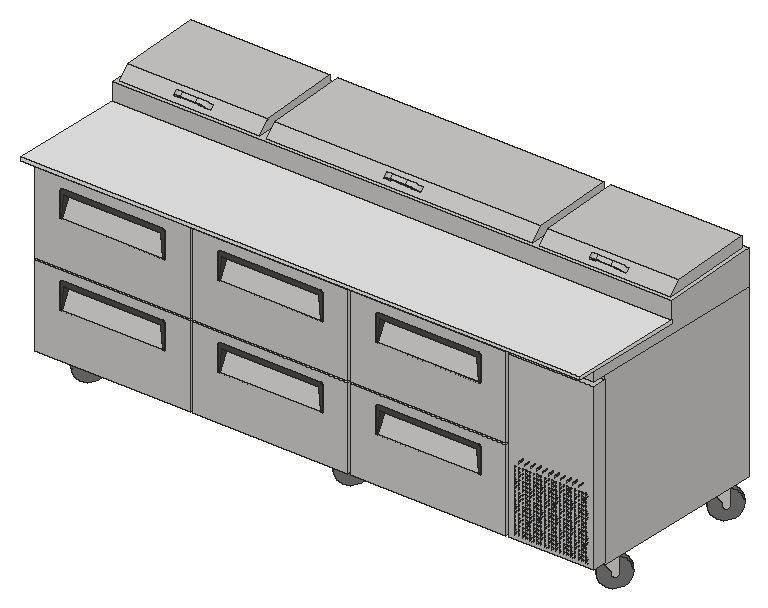
Revit family "QF_Turbo Air_TPR-93SD-D6", category Specialty Equipment, Revit 2012
Parameters
  Weight in Pounds = 733
  Watermarked By = "http://revitwatermark.com"
  Volts = 115 V
  URL Cutsheet = ""
  URL = "www.turboairinc.com"
  Status [instance] = ""
  Specification by User [instance] = ""
  Specification by Manufacturer [instance] = ""
  Serial Number [instance] = ""
  Revision Code [instance] = ""
  Phase = 1
  Number of Poles [instance] = 1
  NAFEM Spec ID Number [instance] = ""
  Model = "TPR-93SD-D6"
  Masterspec [instance] = ""
  Manufacturer = "Turbo Air"  # constant formula
  Legs [instance] = [6 inch Legs]  # no
  Item Number [instance] = "-"
  Installed By [instance] = ""
  HP = "2/3"
  Furnished By [instance] = ""
  Foodservice Equipment Identifier = yes
  FL Amps = 11 A
  Electrical Remarks [instance] = ""
  Electric Connection Type [instance] = ""
  Elec Conn RI Height [instance] = 0' - 0"
  Elec Conn Connection Height = 1' - 0"
  Description = "Pizza Prep Table"
  Cycle = 60 Hz
  Conn Plug = "NEMA 5-15P"
  Casters [instance] = not(Legs)  # yes
  CasterLeg Height [instance] = if([5 inch Casters], 0' 5 7/8", if([2_5 inch Casters], 0' 3 3/8", 0' 6"))  # 0' - 5 7/8"
  CSI MasterFormat = "11 41 13"
  Assembly Code = "E1090320"
  Apparent Power = if(Phase = 3, Volts * FL Amps * 1.73, Volts * FL Amps)  # 1265 VA
  6 inch Legs [instance] = no
  5 inch Casters [instance] = yes
  2_5 inch Casters [instance] = no
Reference planes (in)
  plane 1 "BACK": y = 0
  plane 2: z = 0
  plane 3 "LEFT": x = -20.78844
  plane 4 "RIGHT": x = 72.58656
  plane 5 "Front of Door": y = -32.25
  plane 6 "FRONT": y = -35.25
  plane 7 "Front of Pans": y = -16
  plane 8 "Left of Compressor": x = 58.46156
  plane 9 "Right of Left Door": x = 5.21156
  plane 10 "Bottom": z = 5.875
  plane 11 "TOP": z = 41.875
  plane 12 "Door Clearance": z = 53.25
  plane 13 "Work Top": z = 35.875
  plane 14: z = 34.3125
  plane 15 "Top of Door": z = 33.5625
  plane 16 "Bottom of Door": z = 6.125
  plane 17 "Back Stops": y = 1
  plane 18 "Front of Box": y = -29.875
  plane 19 "Left of Left Lid": x = -20.10094
  plane 20 "Right of Right Lid": x = 71.89906
  plane 21 "Handle Center of Left Lid": x = -8.44469
  plane 22 "Handle Elevation": z = 40.14331
  plane 23 "Handle Center FB": y = -14.47887
  plane 24 "Right of Right Door": x = 57.96156
  plane 25 "Left of Right Door": x = 31.96156
  plane 26 "Right of Left Lid": x = 3.21156
  plane 27 "Left of Right Lid": x = 50.02406
  plane 28 "Handle Center Right Lid": x = 60.96156
  plane 29 "Left of Middle Lid": x = 4.39906
  plane 30 "Right of Middle Lid": x = 48.83656
  plane 31 "Handle Center Middle Lid": x = 26.61781
  plane 32 "Left of Middle Door": x = 5.58656
  plane 33 "Right of Middle Door": x = 31.58656
  plane 34 "Front of Drawer Clearance": y = -57.375
Forms (in)
  Extrusion 1, solid, material "QF_Finishes_Stainless Steel"
    sketch origin (-20.78844, 0, 0) x (0, 1, 0) y (0, 0, 1)
      loop
        line (0, 34.3125) -> (-29.875, 34.3125) -> (-29.875, 5.875) -> (0, 5.875) -> (0, 34.3125)
    from 0 to 93.375
  Extrusion 2, solid, material "QF_Finishes_Stainless Steel"
    sketch origin (-20.78844, 0, 0) x (0, 1, 0) y (0, 0, 1)
      loop
        line (0, 34.3125) -> (0, 40.1875) -> (-16, 39.1875) -> (-16, 35.875) -> (-32.25, 35.875) -> (-32.25, 34.3125) -> (0, 34.3125)
    from 0 to 93.375
  Extrusion 3, solid, material "QF_Finishes_Stainless Steel"
    sketch origin (-20.10094, 0, 0) x (0, 1, 0) y (0, 0, 1)
      loop
        line (-0.43665, 40.16021) -> (-0.54382, 41.875) -> (-13.67506, 41.0543) -> (-15.28268, 39.23233) -> (-0.43665, 40.16021)
    from 0 to 23.3125
  Extrusion 4, solid, material "QF_Finishes_Stainless Steel"
    sketch origin (0, 15.62211, 13.58363) x (1, 0, 0) y (0, -0.749838, 0.661622)
      loop
        line (-6.44469, 40.14331) -> (-5.44469, 40.14331)
        arc (-5.44469, 40.14331) -> (-6.1194, 41.04872) -> (-7.19469, 41.39331) r 1.85
        line (-7.19469, 41.39331) -> (-9.69469, 41.39331)
        arc (-9.69469, 41.39331) -> (-10.76998, 41.04872) -> (-11.44469, 40.14331) r 1.85
        line (-11.44469, 40.14331) -> (-10.44469, 40.14331) -> (-10.44469, 40.64331)
        arc (-10.44469, 40.64331) -> (-10.29824, 40.99687) -> (-9.94469, 41.14331) r 0.5
        line (-9.94469, 41.14331) -> (-6.94469, 41.14331)
        arc (-6.94469, 41.14331) -> (-6.59114, 40.99687) -> (-6.44469, 40.64331) r 0.5
        line (-6.44469, 40.64331) -> (-6.44469, 40.14331)
    from -0.375 to 0.375
  Extrusion 5, solid, material "QF_Finishes_Black"
    sketch origin (0, -29.875, 0) x (1, 0, 0) y (0, 0, 1)
      loop
        line (-19.78844, 32.5625) -> (-19.78844, 7.125) -> (4.21156, 7.125) -> (4.21156, 32.5625) -> (-19.78844, 32.5625)
    from 0 to 0.5625
  Extrusion 6, solid, material "QF_Finishes_Stainless Steel"
    sketch origin (0, -29.875, 0) x (1, 0, 0) y (0, 0, 1)
      loop
        line (58.46156, 33.5625) -> (58.46156, 6.125) -> (72.58656, 6.125) -> (72.58656, 33.5625) -> (58.46156, 33.5625)
      loop
        line (66.02406, 7.125) -> (65.64906, 7.125) -> (65.64906, 6.75) -> (66.02406, 6.75) -> (66.02406, 7.125)
      loop
        line (66.64906, 7.125) -> (66.27406, 7.125) -> (66.27406, 6.75) -> (66.64906, 6.75) -> (66.64906, 7.125)
      loop
        line (67.27406, 7.125) -> (66.89906, 7.125) -> (66.89906, 6.75) -> (67.27406, 6.75) -> (67.27406, 7.125)
      loop
        line (67.89906, 7.125) -> (67.52406, 7.125) -> (67.52406, 6.75) -> (67.89906, 6.75) -> (67.89906, 7.125)
      loop
        line (68.52406, 7.125) -> (68.14906, 7.125) -> (68.14906, 6.75) -> (68.52406, 6.75) -> (68.52406, 7.125)
      loop
        line (69.14906, 7.125) -> (68.77406, 7.125) -> (68.77406, 6.75) -> (69.14906, 6.75) -> (69.14906, 7.125)
      loop
        line (69.77406, 7.125) -> (69.39906, 7.125) -> (69.39906, 6.75) -> (69.77406, 6.75) -> (69.77406, 7.125)
      loop
        line (70.39906, 7.125) -> (70.02406, 7.125) -> (70.02406, 6.75) -> (70.39906, 6.75) -> (70.39906, 7.125)
      loop
        line (71.02406, 7.125) -> (70.64906, 7.125) -> (70.64906, 6.75) -> (71.02406, 6.75) -> (71.02406, 7.125)
      loop
        line (71.64906, 6.75) -> (71.64906, 7.125) -> (71.27406, 7.125) -> (71.27406, 6.75) -> (71.64906, 6.75)
      loop
        line (65.02406, 7.125) -> (65.02406, 6.75) -> (65.39906, 6.75) -> (65.39906, 7.125) -> (65.02406, 7.125)
      loop
        line (64.39906, 7.125) -> (64.39906, 6.75) -> (64.77406, 6.75) -> (64.77406, 7.125) -> (64.39906, 7.125)
      loop
        line (63.77406, 7.125) -> (63.77406, 6.75) -> (64.14906, 6.75) -> (64.14906, 7.125) -> (63.77406, 7.125)
      loop
        line (63.14906, 7.125) -> (63.14906, 6.75) -> (63.52406, 6.75) -> (63.52406, 7.125) -> (63.14906, 7.125)
      loop
        line (62.52406, 7.125) -> (62.52406, 6.75) -> (62.89906, 6.75) -> (62.89906, 7.125) -> (62.52406, 7.125)
      loop
        line (61.89906, 7.125) -> (61.89906, 6.75) -> (62.27406, 6.75) -> (62.27406, 7.125) -> (61.89906, 7.125)
      loop
        line (61.27406, 7.125) -> (61.27406, 6.75) -> (61.64906, 6.75) -> (61.64906, 7.125) -> (61.27406, 7.125)
      loop
        line (60.64906, 7.125) -> (60.64906, 6.75) -> (61.02406, 6.75) -> (61.02406, 7.125) -> (60.64906, 7.125)
      loop
        line (60.02406, 7.125) -> (60.02406, 6.75) -> (60.39906, 6.75) -> (60.39906, 7.125) -> (60.02406, 7.125)
      loop
        line (59.39906, 6.75) -> (59.77406, 6.75) -> (59.77406, 7.125) -> (59.39906, 7.125) -> (59.39906, 6.75)
      loop
        line (66.02406, 7.75) -> (65.64906, 7.75) -> (65.64906, 7.375) -> (66.02406, 7.375) -> (66.02406, 7.75)
      loop
        line (66.64906, 7.75) -> (66.27406, 7.75) -> (66.27406, 7.375) -> (66.64906, 7.375) -> (66.64906, 7.75)
      loop
        line (67.27406, 7.75) -> (66.89906, 7.75) -> (66.89906, 7.375) -> (67.27406, 7.375) -> (67.27406, 7.75)
      loop
        line (67.89906, 7.75) -> (67.52406, 7.75) -> (67.52406, 7.375) -> (67.89906, 7.375) -> (67.89906, 7.75)
      loop
        line (68.52406, 7.75) -> (68.14906, 7.75) -> (68.14906, 7.375) -> (68.52406, 7.375) -> (68.52406, 7.75)
      loop
        line (69.14906, 7.75) -> (68.77406, 7.75) -> (68.77406, 7.375) -> (69.14906, 7.375) -> (69.14906, 7.75)
      loop
        line (69.77406, 7.75) -> (69.39906, 7.75) -> (69.39906, 7.375) -> (69.77406, 7.375) -> (69.77406, 7.75)
      loop
        line (70.39906, 7.75) -> (70.02406, 7.75) -> (70.02406, 7.375) -> (70.39906, 7.375) -> (70.39906, 7.75)
      loop
        line (71.02406, 7.75) -> (70.64906, 7.75) -> (70.64906, 7.375) -> (71.02406, 7.375) -> (71.02406, 7.75)
      loop
        line (71.64906, 7.375) -> (71.64906, 7.75) -> (71.27406, 7.75) -> (71.27406, 7.375) -> (71.64906, 7.375)
      loop
        line (65.02406, 7.75) -> (65.02406, 7.375) -> (65.39906, 7.375) -> (65.39906, 7.75) -> (65.02406, 7.75)
      loop
        line (64.39906, 7.75) -> (64.39906, 7.375) -> (64.77406, 7.375) -> (64.77406, 7.75) -> (64.39906, 7.75)
      loop
        line (63.77406, 7.75) -> (63.77406, 7.375) -> (64.14906, 7.375) -> (64.14906, 7.75) -> (63.77406, 7.75)
      loop
        line (63.14906, 7.75) -> (63.14906, 7.375) -> (63.52406, 7.375) -> (63.52406, 7.75) -> (63.14906, 7.75)
      loop
        line (62.52406, 7.75) -> (62.52406, 7.375) -> (62.89906, 7.375) -> (62.89906, 7.75) -> (62.52406, 7.75)
      loop
        line (61.89906, 7.75) -> (61.89906, 7.375) -> (62.27406, 7.375) -> (62.27406, 7.75) -> (61.89906, 7.75)
      loop
        line (61.27406, 7.75) -> (61.27406, 7.375) -> (61.64906, 7.375) -> (61.64906, 7.75) -> (61.27406, 7.75)
      loop
        line (60.64906, 7.75) -> (60.64906, 7.375) -> (61.02406, 7.375) -> (61.02406, 7.75) -> (60.64906, 7.75)
      loop
        line (60.02406, 7.75) -> (60.02406, 7.375) -> (60.39906, 7.375) -> (60.39906, 7.75) -> (60.02406, 7.75)
      loop
        line (59.39906, 7.375) -> (59.77406, 7.375) -> (59.77406, 7.75) -> (59.39906, 7.75) -> (59.39906, 7.375)
      loop
        line (66.02406, 8.375) -> (65.64906, 8.375) -> (65.64906, 8) -> (66.02406, 8) -> (66.02406, 8.375)
      loop
        line (66.64906, 8.375) -> (66.27406, 8.375) -> (66.27406, 8) -> (66.64906, 8) -> (66.64906, 8.375)
      loop
        line (67.27406, 8.375) -> (66.89906, 8.375) -> (66.89906, 8) -> (67.27406, 8) -> (67.27406, 8.375)
      loop
        line (67.89906, 8.375) -> (67.52406, 8.375) -> (67.52406, 8) -> (67.89906, 8) -> (67.89906, 8.375)
      loop
        line (68.52406, 8.375) -> (68.14906, 8.375) -> (68.14906, 8) -> (68.52406, 8) -> (68.52406, 8.375)
      loop
        line (69.14906, 8.375) -> (68.77406, 8.375) -> (68.77406, 8) -> (69.14906, 8) -> (69.14906, 8.375)
      loop
        line (69.77406, 8.375) -> (69.39906, 8.375) -> (69.39906, 8) -> (69.77406, 8) -> (69.77406, 8.375)
      loop
        line (70.39906, 8.375) -> (70.02406, 8.375) -> (70.02406, 8) -> (70.39906, 8) -> (70.39906, 8.375)
      loop
        line (71.02406, 8.375) -> (70.64906, 8.375) -> (70.64906, 8) -> (71.02406, 8) -> (71.02406, 8.375)
      loop
        line (71.64906, 8) -> (71.64906, 8.375) -> (71.27406, 8.375) -> (71.27406, 8) -> (71.64906, 8)
      loop
        line (65.02406, 8.375) -> (65.02406, 8) -> (65.39906, 8) -> (65.39906, 8.375) -> (65.02406, 8.375)
      loop
        line (64.39906, 8.375) -> (64.39906, 8) -> (64.77406, 8) -> (64.77406, 8.375) -> (64.39906, 8.375)
      loop
        line (63.77406, 8.375) -> (63.77406, 8) -> (64.14906, 8) -> (64.14906, 8.375) -> (63.77406, 8.375)
      loop
        line (63.14906, 8.375) -> (63.14906, 8) -> (63.52406, 8) -> (63.52406, 8.375) -> (63.14906, 8.375)
      loop
        line (62.52406, 8.375) -> (62.52406, 8) -> (62.89906, 8) -> (62.89906, 8.375) -> (62.52406, 8.375)
      loop
        line (61.89906, 8.375) -> (61.89906, 8) -> (62.27406, 8) -> (62.27406, 8.375) -> (61.89906, 8.375)
      loop
        line (61.27406, 8.375) -> (61.27406, 8) -> (61.64906, 8) -> (61.64906, 8.375) -> (61.27406, 8.375)
      loop
        line (60.64906, 8.375) -> (60.64906, 8) -> (61.02406, 8) -> (61.02406, 8.375) -> (60.64906, 8.375)
      loop
        line (60.02406, 8.375) -> (60.02406, 8) -> (60.39906, 8) -> (60.39906, 8.375) -> (60.02406, 8.375)
      loop
        line (59.39906, 8) -> (59.77406, 8) -> (59.77406, 8.375) -> (59.39906, 8.375) -> (59.39906, 8)
      loop
        line (66.02406, 9) -> (65.64906, 9) -> (65.64906, 8.625) -> (66.02406, 8.625) -> (66.02406, 9)
      loop
        line (66.64906, 9) -> (66.27406, 9) -> (66.27406, 8.625) -> (66.64906, 8.625) -> (66.64906, 9)
      loop
        line (67.27406, 9) -> (66.89906, 9) -> (66.89906, 8.625) -> (67.27406, 8.625) -> (67.27406, 9)
      loop
        line (67.89906, 9) -> (67.52406, 9) -> (67.52406, 8.625) -> (67.89906, 8.625) -> (67.89906, 9)
      loop
        line (68.52406, 9) -> (68.14906, 9) -> (68.14906, 8.625) -> (68.52406, 8.625) -> (68.52406, 9)
      loop
        line (69.14906, 9) -> (68.77406, 9) -> (68.77406, 8.625) -> (69.14906, 8.625) -> (69.14906, 9)
      loop
        line (69.77406, 9) -> (69.39906, 9) -> (69.39906, 8.625) -> (69.77406, 8.625) -> (69.77406, 9)
      loop
        line (70.39906, 9) -> (70.02406, 9) -> (70.02406, 8.625) -> (70.39906, 8.625) -> (70.39906, 9)
      loop
        line (71.02406, 9) -> (70.64906, 9) -> (70.64906, 8.625) -> (71.02406, 8.625) -> (71.02406, 9)
      loop
        line (71.64906, 8.625) -> (71.64906, 9) -> (71.27406, 9) -> (71.27406, 8.625) -> (71.64906, 8.625)
      loop
        line (65.02406, 9) -> (65.02406, 8.625) -> (65.39906, 8.625) -> (65.39906, 9) -> (65.02406, 9)
      loop
        line (64.39906, 9) -> (64.39906, 8.625) -> (64.77406, 8.625) -> (64.77406, 9) -> (64.39906, 9)
      loop
        line (63.77406, 9) -> (63.77406, 8.625) -> (64.14906, 8.625) -> (64.14906, 9) -> (63.77406, 9)
      loop
        line (63.14906, 9) -> (63.14906, 8.625) -> (63.52406, 8.625) -> (63.52406, 9) -> (63.14906, 9)
      loop
        line (62.52406, 9) -> (62.52406, 8.625) -> (62.89906, 8.625) -> (62.89906, 9) -> (62.52406, 9)
      loop
        line (61.89906, 9) -> (61.89906, 8.625) -> (62.27406, 8.625) -> (62.27406, 9) -> (61.89906, 9)
      loop
        line (61.27406, 9) -> (61.27406, 8.625) -> (61.64906, 8.625) -> (61.64906, 9) -> (61.27406, 9)
      loop
        line (60.64906, 9) -> (60.64906, 8.625) -> (61.02406, 8.625) -> (61.02406, 9) -> (60.64906, 9)
      loop
        line (60.02406, 9) -> (60.02406, 8.625) -> (60.39906, 8.625) -> (60.39906, 9) -> (60.02406, 9)
      loop
        line (59.39906, 8.625) -> (59.77406, 8.625) -> (59.77406, 9) -> (59.39906, 9) -> (59.39906, 8.625)
      loop
        line (66.02406, 9.625) -> (65.64906, 9.625) -> (65.64906, 9.25) -> (66.02406, 9.25) -> (66.02406, 9.625)
      loop
        line (66.64906, 9.625) -> (66.27406, 9.625) -> (66.27406, 9.25) -> (66.64906, 9.25) -> (66.64906, 9.625)
      loop
        line (67.27406, 9.625) -> (66.89906, 9.625) -> (66.89906, 9.25) -> (67.27406, 9.25) -> (67.27406, 9.625)
      loop
        line (67.89906, 9.625) -> (67.52406, 9.625) -> (67.52406, 9.25) -> (67.89906, 9.25) -> (67.89906, 9.625)
      loop
        line (68.52406, 9.625) -> (68.14906, 9.625) -> (68.14906, 9.25) -> (68.52406, 9.25) -> (68.52406, 9.625)
      loop
        line (69.14906, 9.625) -> (68.77406, 9.625) -> (68.77406, 9.25) -> (69.14906, 9.25) -> (69.14906, 9.625)
      loop
        line (69.77406, 9.625) -> (69.39906, 9.625) -> (69.39906, 9.25) -> (69.77406, 9.25) -> (69.77406, 9.625)
      loop
        line (70.39906, 9.625) -> (70.02406, 9.625) -> (70.02406, 9.25) -> (70.39906, 9.25) -> (70.39906, 9.625)
      loop
        line (71.02406, 9.625) -> (70.64906, 9.625) -> (70.64906, 9.25) -> (71.02406, 9.25) -> (71.02406, 9.625)
      loop
        line (71.64906, 9.25) -> (71.64906, 9.625) -> (71.27406, 9.625) -> (71.27406, 9.25) -> (71.64906, 9.25)
      loop
        line (65.02406, 9.625) -> (65.02406, 9.25) -> (65.39906, 9.25) -> (65.39906, 9.625) -> (65.02406, 9.625)
      loop
        line (64.39906, 9.625) -> (64.39906, 9.25) -> (64.77406, 9.25) -> (64.77406, 9.625) -> (64.39906, 9.625)
      loop
        line (63.77406, 9.625) -> (63.77406, 9.25) -> (64.14906, 9.25) -> (64.14906, 9.625) -> (63.77406, 9.625)
      loop
        line (63.14906, 9.625) -> (63.14906, 9.25) -> (63.52406, 9.25) -> (63.52406, 9.625) -> (63.14906, 9.625)
      loop
        line (62.52406, 9.625) -> (62.52406, 9.25) -> (62.89906, 9.25) -> (62.89906, 9.625) -> (62.52406, 9.625)
      loop
        line (61.89906, 9.625) -> (61.89906, 9.25) -> (62.27406, 9.25) -> (62.27406, 9.625) -> (61.89906, 9.625)
      loop
        line (61.27406, 9.625) -> (61.27406, 9.25) -> (61.64906, 9.25) -> (61.64906, 9.625) -> (61.27406, 9.625)
      loop
        line (60.64906, 9.625) -> (60.64906, 9.25) -> (61.02406, 9.25) -> (61.02406, 9.625) -> (60.64906, 9.625)
      loop
        line (60.02406, 9.625) -> (60.02406, 9.25) -> (60.39906, 9.25) -> (60.39906, 9.625) -> (60.02406, 9.625)
      loop
        line (59.39906, 9.25) -> (59.77406, 9.25) -> (59.77406, 9.625) -> (59.39906, 9.625) -> (59.39906, 9.25)
      loop
        line (66.02406, 10.25) -> (65.64906, 10.25) -> (65.64906, 9.875) -> (66.02406, 9.875) -> (66.02406, 10.25)
      loop
        line (66.64906, 10.25) -> (66.27406, 10.25) -> (66.27406, 9.875) -> (66.64906, 9.875) -> (66.64906, 10.25)
      loop
        line (67.27406, 10.25) -> (66.89906, 10.25) -> (66.89906, 9.875) -> (67.27406, 9.875) -> (67.27406, 10.25)
      loop
        line (67.89906, 10.25) -> (67.52406, 10.25) -> (67.52406, 9.875) -> (67.89906, 9.875) -> (67.89906, 10.25)
      loop
        line (68.52406, 10.25) -> (68.14906, 10.25) -> (68.14906, 9.875) -> (68.52406, 9.875) -> (68.52406, 10.25)
      loop
        line (69.14906, 10.25) -> (68.77406, 10.25) -> (68.77406, 9.875) -> (69.14906, 9.875) -> (69.14906, 10.25)
      loop
        line (69.77406, 10.25) -> (69.39906, 10.25) -> (69.39906, 9.875) -> (69.77406, 9.875) -> (69.77406, 10.25)
      loop
        line (70.39906, 10.25) -> (70.02406, 10.25) -> (70.02406, 9.875) -> (70.39906, 9.875) -> (70.39906, 10.25)
      loop
        line (71.02406, 10.25) -> (70.64906, 10.25) -> (70.64906, 9.875) -> (71.02406, 9.875) -> (71.02406, 10.25)
      loop
        line (71.64906, 9.875) -> (71.64906, 10.25) -> (71.27406, 10.25) -> (71.27406, 9.875) -> (71.64906, 9.875)
      loop
        line (65.02406, 10.25) -> (65.02406, 9.875) -> (65.39906, 9.875) -> (65.39906, 10.25) -> (65.02406, 10.25)
      loop
        line (64.39906, 10.25) -> (64.39906, 9.875) -> (64.77406, 9.875) -> (64.77406, 10.25) -> (64.39906, 10.25)
      loop
        line (63.77406, 10.25) -> (63.77406, 9.875) -> (64.14906, 9.875) -> (64.14906, 10.25) -> (63.77406, 10.25)
      loop
        line (63.14906, 10.25) -> (63.14906, 9.875) -> (63.52406, 9.875) -> (63.52406, 10.25) -> (63.14906, 10.25)
      loop
        line (62.52406, 10.25) -> (62.52406, 9.875) -> (62.89906, 9.875) -> (62.89906, 10.25) -> (62.52406, 10.25)
      loop
        line (61.89906, 10.25) -> (61.89906, 9.875) -> (62.27406, 9.875) -> (62.27406, 10.25) -> (61.89906, 10.25)
      loop
        line (61.27406, 10.25) -> (61.27406, 9.875) -> (61.64906, 9.875) -> (61.64906, 10.25) -> (61.27406, 10.25)
      loop
        line (60.64906, 10.25) -> (60.64906, 9.875) -> (61.02406, 9.875) -> (61.02406, 10.25) -> (60.64906, 10.25)
      loop
        line (60.02406, 10.25) -> (60.02406, 9.875) -> (60.39906, 9.875) -> (60.39906, 10.25) -> (60.02406, 10.25)
      loop
        line (59.39906, 9.875) -> (59.77406, 9.875) -> (59.77406, 10.25) -> (59.39906, 10.25) -> (59.39906, 9.875)
      loop
        line (66.02406, 10.875) -> (65.64906, 10.875) -> (65.64906, 10.5) -> (66.02406, 10.5) -> (66.02406, 10.875)
      loop
        line (66.64906, 10.875) -> (66.27406, 10.875) -> (66.27406, 10.5) -> (66.64906, 10.5) -> (66.64906, 10.875)
      loop
        line (67.27406, 10.875) -> (66.89906, 10.875) -> (66.89906, 10.5) -> (67.27406, 10.5) -> (67.27406, 10.875)
      loop
        line (67.89906, 10.875) -> (67.52406, 10.875) -> (67.52406, 10.5) -> (67.89906, 10.5) -> (67.89906, 10.875)
      loop
        line (68.52406, 10.875) -> (68.14906, 10.875) -> (68.14906, 10.5) -> (68.52406, 10.5) -> (68.52406, 10.875)
      loop
        line (69.14906, 10.875) -> (68.77406, 10.875) -> (68.77406, 10.5) -> (69.14906, 10.5) -> (69.14906, 10.875)
      loop
        line (69.77406, 10.875) -> (69.39906, 10.875) -> (69.39906, 10.5) -> (69.77406, 10.5) -> (69.77406, 10.875)
      loop
        line (70.39906, 10.875) -> (70.02406, 10.875) -> (70.02406, 10.5) -> (70.39906, 10.5) -> (70.39906, 10.875)
      loop
        line (71.02406, 10.875) -> (70.64906, 10.875) -> (70.64906, 10.5) -> (71.02406, 10.5) -> (71.02406, 10.875)
      loop
        line (71.64906, 10.5) -> (71.64906, 10.875) -> (71.27406, 10.875) -> (71.27406, 10.5) -> (71.64906, 10.5)
      loop
        line (65.02406, 10.875) -> (65.02406, 10.5) -> (65.39906, 10.5) -> (65.39906, 10.875) -> (65.02406, 10.875)
      loop
        line (64.39906, 10.875) -> (64.39906, 10.5) -> (64.77406, 10.5) -> (64.77406, 10.875) -> (64.39906, 10.875)
      loop
        line (63.77406, 10.875) -> (63.77406, 10.5) -> (64.14906, 10.5) -> (64.14906, 10.875) -> (63.77406, 10.875)
      loop
        line (63.14906, 10.875) -> (63.14906, 10.5) -> (63.52406, 10.5) -> (63.52406, 10.875) -> (63.14906, 10.875)
      loop
        line (62.52406, 10.875) -> (62.52406, 10.5) -> (62.89906, 10.5) -> (62.89906, 10.875) -> (62.52406, 10.875)
      loop
        line (61.89906, 10.875) -> (61.89906, 10.5) -> (62.27406, 10.5) -> (62.27406, 10.875) -> (61.89906, 10.875)
      loop
        line (61.27406, 10.875) -> (61.27406, 10.5) -> (61.64906, 10.5) -> (61.64906, 10.875) -> (61.27406, 10.875)
      loop
        line (60.64906, 10.875) -> (60.64906, 10.5) -> (61.02406, 10.5) -> (61.02406, 10.875) -> (60.64906, 10.875)
      loop
        line (60.02406, 10.875) -> (60.02406, 10.5) -> (60.39906, 10.5) -> (60.39906, 10.875) -> (60.02406, 10.875)
      loop
        line (59.39906, 10.5) -> (59.77406, 10.5) -> (59.77406, 10.875) -> (59.39906, 10.875) -> (59.39906, 10.5)
      loop
        line (66.02406, 11.5) -> (65.64906, 11.5) -> (65.64906, 11.125) -> (66.02406, 11.125) -> (66.02406, 11.5)
      loop
        line (66.64906, 11.5) -> (66.27406, 11.5) -> (66.27406, 11.125) -> (66.64906, 11.125) -> (66.64906, 11.5)
      loop
        line (67.27406, 11.5) -> (66.89906, 11.5) -> (66.89906, 11.125) -> (67.27406, 11.125) -> (67.27406, 11.5)
      loop
        line (67.89906, 11.5) -> (67.52406, 11.5) -> (67.52406, 11.125) -> (67.89906, 11.125) -> (67.89906, 11.5)
      loop
        line (68.52406, 11.5) -> (68.14906, 11.5) -> (68.14906, 11.125) -> (68.52406, 11.125) -> (68.52406, 11.5)
      loop
        line (69.14906, 11.5) -> (68.77406, 11.5) -> (68.77406, 11.125) -> (69.14906, 11.125) -> (69.14906, 11.5)
      loop
        line (69.77406, 11.5) -> (69.39906, 11.5) -> (69.39906, 11.125) -> (69.77406, 11.125) -> (69.77406, 11.5)
      loop
        line (70.39906, 11.5) -> (70.02406, 11.5) -> (70.02406, 11.125) -> (70.39906, 11.125) -> (70.39906, 11.5)
      loop
        line (71.02406, 11.5) -> (70.64906, 11.5) -> (70.64906, 11.125) -> (71.02406, 11.125) -> (71.02406, 11.5)
      loop
        line (71.64906, 11.125) -> (71.64906, 11.5) -> (71.27406, 11.5) -> (71.27406, 11.125) -> (71.64906, 11.125)
      loop
        line (65.02406, 11.5) -> (65.02406, 11.125) -> (65.39906, 11.125) -> (65.39906, 11.5) -> (65.02406, 11.5)
      loop
        line (64.39906, 11.5) -> (64.39906, 11.125) -> (64.77406, 11.125) -> (64.77406, 11.5) -> (64.39906, 11.5)
      loop
        line (63.77406, 11.5) -> (63.77406, 11.125) -> (64.14906, 11.125) -> (64.14906, 11.5) -> (63.77406, 11.5)
      loop
        line (63.14906, 11.5) -> (63.14906, 11.125) -> (63.52406, 11.125) -> (63.52406, 11.5) -> (63.14906, 11.5)
      loop
        line (62.52406, 11.5) -> (62.52406, 11.125) -> (62.89906, 11.125) -> (62.89906, 11.5) -> (62.52406, 11.5)
      loop
        line (61.89906, 11.5) -> (61.89906, 11.125) -> (62.27406, 11.125) -> (62.27406, 11.5) -> (61.89906, 11.5)
      loop
        line (61.27406, 11.5) -> (61.27406, 11.125) -> (61.64906, 11.125) -> (61.64906, 11.5) -> (61.27406, 11.5)
      loop
        line (60.64906, 11.5) -> (60.64906, 11.125) -> (61.02406, 11.125) -> (61.02406, 11.5) -> (60.64906, 11.5)
      loop
        line (60.02406, 11.5) -> (60.02406, 11.125) -> (60.39906, 11.125) -> (60.39906, 11.5) -> (60.02406, 11.5)
      loop
        line (59.39906, 11.125) -> (59.77406, 11.125) -> (59.77406, 11.5) -> (59.39906, 11.5) -> (59.39906, 11.125)
      loop
        line (66.02406, 12.125) -> (65.64906, 12.125) -> (65.64906, 11.75) -> (66.02406, 11.75) -> (66.02406, 12.125)
      loop
        line (66.64906, 12.125) -> (66.27406, 12.125) -> (66.27406, 11.75) -> (66.64906, 11.75) -> (66.64906, 12.125)
      loop
        line (67.27406, 12.125) -> (66.89906, 12.125) -> (66.89906, 11.75) -> (67.27406, 11.75) -> (67.27406, 12.125)
      loop
        line (67.89906, 12.125) -> (67.52406, 12.125) -> (67.52406, 11.75) -> (67.89906, 11.75) -> (67.89906, 12.125)
      loop
        line (68.52406, 12.125) -> (68.14906, 12.125) -> (68.14906, 11.75) -> (68.52406, 11.75) -> (68.52406, 12.125)
      loop
        line (69.14906, 12.125) -> (68.77406, 12.125) -> (68.77406, 11.75) -> (69.14906, 11.75) -> (69.14906, 12.125)
      loop
        line (69.77406, 12.125) -> (69.39906, 12.125) -> (69.39906, 11.75) -> (69.77406, 11.75) -> (69.77406, 12.125)
      loop
        line (70.39906, 12.125) -> (70.02406, 12.125) -> (70.02406, 11.75) -> (70.39906, 11.75) -> (70.39906, 12.125)
      loop
        line (71.02406, 12.125) -> (70.64906, 12.125) -> (70.64906, 11.75) -> (71.02406, 11.75) -> (71.02406, 12.125)
      loop
        line (71.64906, 11.75) -> (71.64906, 12.125) -> (71.27406, 12.125) -> (71.27406, 11.75) -> (71.64906, 11.75)
      loop
        line (65.02406, 12.125) -> (65.02406, 11.75) -> (65.39906, 11.75) -> (65.39906, 12.125) -> (65.02406, 12.125)
      loop
        line (64.39906, 12.125) -> (64.39906, 11.75) -> (64.77406, 11.75) -> (64.77406, 12.125) -> (64.39906, 12.125)
      loop
        line (63.77406, 12.125) -> (63.77406, 11.75) -> (64.14906, 11.75) -> (64.14906, 12.125) -> (63.77406, 12.125)
      loop
        line (63.14906, 12.125) -> (63.14906, 11.75) -> (63.52406, 11.75) -> (63.52406, 12.125) -> (63.14906, 12.125)
      loop
        line (62.52406, 12.125) -> (62.52406, 11.75) -> (62.89906, 11.75) -> (62.89906, 12.125) -> (62.52406, 12.125)
      loop
        line (61.89906, 12.125) -> (61.89906, 11.75) -> (62.27406, 11.75) -> (62.27406, 12.125) -> (61.89906, 12.125)
      loop
        line (61.27406, 12.125) -> (61.27406, 11.75) -> (61.64906, 11.75) -> (61.64906, 12.125) -> (61.27406, 12.125)
      loop
        line (60.64906, 12.125) -> (60.64906, 11.75) -> (61.02406, 11.75) -> (61.02406, 12.125) -> (60.64906, 12.125)
      loop
        line (60.02406, 12.125) -> (60.02406, 11.75) -> (60.39906, 11.75) -> (60.39906, 12.125) -> (60.02406, 12.125)
      loop
        line (59.39906, 11.75) -> (59.77406, 11.75) -> (59.77406, 12.125) -> (59.39906, 12.125) -> (59.39906, 11.75)
      loop
        line (66.02406, 12.75) -> (65.64906, 12.75) -> (65.64906, 12.375) -> (66.02406, 12.375) -> (66.02406, 12.75)
      loop
        line (66.64906, 12.75) -> (66.27406, 12.75) -> (66.27406, 12.375) -> (66.64906, 12.375) -> (66.64906, 12.75)
      loop
        line (67.27406, 12.75) -> (66.89906, 12.75) -> (66.89906, 12.375) -> (67.27406, 12.375) -> (67.27406, 12.75)
      loop
        line (67.89906, 12.75) -> (67.52406, 12.75) -> (67.52406, 12.375) -> (67.89906, 12.375) -> (67.89906, 12.75)
      loop
        line (68.52406, 12.75) -> (68.14906, 12.75) -> (68.14906, 12.375) -> (68.52406, 12.375) -> (68.52406, 12.75)
      loop
        line (69.14906, 12.75) -> (68.77406, 12.75) -> (68.77406, 12.375) -> (69.14906, 12.375) -> (69.14906, 12.75)
      loop
        line (69.77406, 12.75) -> (69.39906, 12.75) -> (69.39906, 12.375) -> (69.77406, 12.375) -> (69.77406, 12.75)
      loop
        line (70.39906, 12.75) -> (70.02406, 12.75) -> (70.02406, 12.375) -> (70.39906, 12.375) -> (70.39906, 12.75)
      loop
        line (71.02406, 12.75) -> (70.64906, 12.75) -> (70.64906, 12.375) -> (71.02406, 12.375) -> (71.02406, 12.75)
      loop
        line (71.64906, 12.375) -> (71.64906, 12.75) -> (71.27406, 12.75) -> (71.27406, 12.375) -> (71.64906, 12.375)
      loop
        line (65.02406, 12.75) -> (65.02406, 12.375) -> (65.39906, 12.375) -> (65.39906, 12.75) -> (65.02406, 12.75)
      loop
        line (64.39906, 12.75) -> (64.39906, 12.375) -> (64.77406, 12.375) -> (64.77406, 12.75) -> (64.39906, 12.75)
      loop
        line (63.77406, 12.75) -> (63.77406, 12.375) -> (64.14906, 12.375) -> (64.14906, 12.75) -> (63.77406, 12.75)
      loop
        line (63.14906, 12.75) -> (63.14906, 12.375) -> (63.52406, 12.375) -> (63.52406, 12.75) -> (63.14906, 12.75)
      loop
        line (62.52406, 12.75) -> (62.52406, 12.375) -> (62.89906, 12.375) -> (62.89906, 12.75) -> (62.52406, 12.75)
      loop
        line (61.89906, 12.75) -> (61.89906, 12.375) -> (62.27406, 12.375) -> (62.27406, 12.75) -> (61.89906, 12.75)
      loop
        line (61.27406, 12.75) -> (61.27406, 12.375) -> (61.64906, 12.375) -> (61.64906, 12.75) -> (61.27406, 12.75)
      loop
        line (60.64906, 12.75) -> (60.64906, 12.375) -> (61.02406, 12.375) -> (61.02406, 12.75) -> (60.64906, 12.75)
      loop
        line (60.02406, 12.75) -> (60.02406, 12.375) -> (60.39906, 12.375) -> (60.39906, 12.75) -> (60.02406, 12.75)
      loop
        line (59.39906, 12.375) -> (59.77406, 12.375) -> (59.77406, 12.75) -> (59.39906, 12.75) -> (59.39906, 12.375)
      loop
        line (66.02406, 13.375) -> (65.64906, 13.375) -> (65.64906, 13) -> (66.02406, 13) -> (66.02406, 13.375)
      loop
        line (66.64906, 13.375) -> (66.27406, 13.375) -> (66.27406, 13) -> (66.64906, 13) -> (66.64906, 13.375)
      loop
        line (67.27406, 13.375) -> (66.89906, 13.375) -> (66.89906, 13) -> (67.27406, 13) -> (67.27406, 13.375)
      loop
        line (67.89906, 13.375) -> (67.52406, 13.375) -> (67.52406, 13) -> (67.89906, 13) -> (67.89906, 13.375)
      loop
        line (68.52406, 13.375) -> (68.14906, 13.375) -> (68.14906, 13) -> (68.52406, 13) -> (68.52406, 13.375)
      loop
        line (69.14906, 13.375) -> (68.77406, 13.375) -> (68.77406, 13) -> (69.14906, 13) -> (69.14906, 13.375)
      loop
        line (69.77406, 13.375) -> (69.39906, 13.375) -> (69.39906, 13) -> (69.77406, 13) -> (69.77406, 13.375)
      loop
        line (70.39906, 13.375) -> (70.02406, 13.375) -> (70.02406, 13) -> (70.39906, 13) -> (70.39906, 13.375)
      loop
        line (71.02406, 13.375) -> (70.64906, 13.375) -> (70.64906, 13) -> (71.02406, 13) -> (71.02406, 13.375)
      loop
        line (71.64906, 13) -> (71.64906, 13.375) -> (71.27406, 13.375) -> (71.27406, 13) -> (71.64906, 13)
      loop
        line (65.02406, 13.375) -> (65.02406, 13) -> (65.39906, 13) -> (65.39906, 13.375) -> (65.02406, 13.375)
      loop
        line (64.39906, 13.375) -> (64.39906, 13) -> (64.77406, 13) -> (64.77406, 13.375) -> (64.39906, 13.375)
      loop
        line (63.77406, 13.375) -> (63.77406, 13) -> (64.14906, 13) -> (64.14906, 13.375) -> (63.77406, 13.375)
      loop
        line (63.14906, 13.375) -> (63.14906, 13) -> (63.52406, 13) -> (63.52406, 13.375) -> (63.14906, 13.375)
      loop
        line (62.52406, 13.375) -> (62.52406, 13) -> (62.89906, 13) -> (62.89906, 13.375) -> (62.52406, 13.375)
      loop
        line (61.89906, 13.375) -> (61.89906, 13) -> (62.27406, 13) -> (62.27406, 13.375) -> (61.89906, 13.375)
      loop
        line (61.27406, 13.375) -> (61.27406, 13) -> (61.64906, 13) -> (61.64906, 13.375) -> (61.27406, 13.375)
      loop
        line (60.64906, 13.375) -> (60.64906, 13) -> (61.02406, 13) -> (61.02406, 13.375) -> (60.64906, 13.375)
      loop
        line (60.02406, 13.375) -> (60.02406, 13) -> (60.39906, 13) -> (60.39906, 13.375) -> (60.02406, 13.375)
      loop
        line (59.39906, 13) -> (59.77406, 13) -> (59.77406, 13.375) -> (59.39906, 13.375) -> (59.39906, 13)
      loop
        line (66.02406, 14) -> (65.64906, 14) -> (65.64906, 13.625) -> (66.02406, 13.625) -> (66.02406, 14)
      loop
        line (66.64906, 14) -> (66.27406, 14) -> (66.27406, 13.625) -> (66.64906, 13.625) -> (66.64906, 14)
      loop
        line (67.27406, 14) -> (66.89906, 14) -> (66.89906, 13.625) -> (67.27406, 13.625) -> (67.27406, 14)
      loop
        line (67.89906, 14) -> (67.52406, 14) -> (67.52406, 13.625) -> (67.89906, 13.625) -> (67.89906, 14)
      loop
        line (68.52406, 14) -> (68.14906, 14) -> (68.14906, 13.625) -> (68.52406, 13.625) -> (68.52406, 14)
      loop
        line (69.14906, 14) -> (68.77406, 14) -> (68.77406, 13.625) -> (69.14906, 13.625) -> (69.14906, 14)
      loop
        line (69.77406, 14) -> (69.39906, 14) -> (69.39906, 13.625) -> (69.77406, 13.625) -> (69.77406, 14)
      loop
        line (70.39906, 14) -> (70.02406, 14) -> (70.02406, 13.625) -> (70.39906, 13.625) -> (70.39906, 14)
      loop
        line (71.02406, 14) -> (70.64906, 14) -> (70.64906, 13.625) -> (71.02406, 13.625) -> (71.02406, 14)
      loop
        line (71.64906, 13.625) -> (71.64906, 14) -> (71.27406, 14) -> (71.27406, 13.625) -> (71.64906, 13.625)
      loop
        line (65.02406, 14) -> (65.02406, 13.625) -> (65.39906, 13.625) -> (65.39906, 14) -> (65.02406, 14)
      loop
        line (64.39906, 14) -> (64.39906, 13.625) -> (64.77406, 13.625) -> (64.77406, 14) -> (64.39906, 14)
      loop
        line (63.77406, 14) -> (63.77406, 13.625) -> (64.14906, 13.625) -> (64.14906, 14) -> (63.77406, 14)
      loop
        line (63.14906, 14) -> (63.14906, 13.625) -> (63.52406, 13.625) -> (63.52406, 14) -> (63.14906, 14)
      loop
        line (62.52406, 14) -> (62.52406, 13.625) -> (62.89906, 13.625) -> (62.89906, 14) -> (62.52406, 14)
      loop
        line (61.89906, 14) -> (61.89906, 13.625) -> (62.27406, 13.625) -> (62.27406, 14) -> (61.89906, 14)
      loop
        line (61.27406, 14) -> (61.27406, 13.625) -> (61.64906, 13.625) -> (61.64906, 14) -> (61.27406, 14)
      loop
        line (60.64906, 14) -> (60.64906, 13.625) -> (61.02406, 13.625) -> (61.02406, 14) -> (60.64906, 14)
      loop
        line (60.02406, 14) -> (60.02406, 13.625) -> (60.39906, 13.625) -> (60.39906, 14) -> (60.02406, 14)
      loop
        line (59.39906, 13.625) -> (59.77406, 13.625) -> (59.77406, 14) -> (59.39906, 14) -> (59.39906, 13.625)
      loop
        line (66.02406, 14.625) -> (65.64906, 14.625) -> (65.64906, 14.25) -> (66.02406, 14.25) -> (66.02406, 14.625)
      loop
        line (66.64906, 14.625) -> (66.27406, 14.625) -> (66.27406, 14.25) -> (66.64906, 14.25) -> (66.64906, 14.625)
      loop
        line (67.27406, 14.625) -> (66.89906, 14.625) -> (66.89906, 14.25) -> (67.27406, 14.25) -> (67.27406, 14.625)
      loop
        line (67.89906, 14.625) -> (67.52406, 14.625) -> (67.52406, 14.25) -> (67.89906, 14.25) -> (67.89906, 14.625)
      loop
        line (68.52406, 14.625) -> (68.14906, 14.625) -> (68.14906, 14.25) -> (68.52406, 14.25) -> (68.52406, 14.625)
      loop
        line (69.14906, 14.625) -> (68.77406, 14.625) -> (68.77406, 14.25) -> (69.14906, 14.25) -> (69.14906, 14.625)
      loop
        line (69.77406, 14.625) -> (69.39906, 14.625) -> (69.39906, 14.25) -> (69.77406, 14.25) -> (69.77406, 14.625)
      loop
        line (70.39906, 14.625) -> (70.02406, 14.625) -> (70.02406, 14.25) -> (70.39906, 14.25) -> (70.39906, 14.625)
      loop
        line (71.02406, 14.625) -> (70.64906, 14.625) -> (70.64906, 14.25) -> (71.02406, 14.25) -> (71.02406, 14.625)
      loop
        line (71.64906, 14.25) -> (71.64906, 14.625) -> (71.27406, 14.625) -> (71.27406, 14.25) -> (71.64906, 14.25)
      loop
        line (65.02406, 14.625) -> (65.02406, 14.25) -> (65.39906, 14.25) -> (65.39906, 14.625) -> (65.02406, 14.625)
      loop
        line (64.39906, 14.625) -> (64.39906, 14.25) -> (64.77406, 14.25) -> (64.77406, 14.625) -> (64.39906, 14.625)
      loop
        line (63.77406, 14.625) -> (63.77406, 14.25) -> (64.14906, 14.25) -> (64.14906, 14.625) -> (63.77406, 14.625)
      loop
        line (63.14906, 14.625) -> (63.14906, 14.25) -> (63.52406, 14.25) -> (63.52406, 14.625) -> (63.14906, 14.625)
      loop
        line (62.52406, 14.625) -> (62.52406, 14.25) -> (62.89906, 14.25) -> (62.89906, 14.625) -> (62.52406, 14.625)
      loop
        line (61.89906, 14.625) -> (61.89906, 14.25) -> (62.27406, 14.25) -> (62.27406, 14.625) -> (61.89906, 14.625)
      loop
        line (61.27406, 14.625) -> (61.27406, 14.25) -> (61.64906, 14.25) -> (61.64906, 14.625) -> (61.27406, 14.625)
      loop
        line (60.64906, 14.625) -> (60.64906, 14.25) -> (61.02406, 14.25) -> (61.02406, 14.625) -> (60.64906, 14.625)
      loop
        line (60.02406, 14.625) -> (60.02406, 14.25) -> (60.39906, 14.25) -> (60.39906, 14.625) -> (60.02406, 14.625)
      loop
        line (59.39906, 14.25) -> (59.77406, 14.25) -> (59.77406, 14.625) -> (59.39906, 14.625) -> (59.39906, 14.25)
      loop
        line (66.02406, 15.25) -> (65.64906, 15.25) -> (65.64906, 14.875) -> (66.02406, 14.875) -> (66.02406, 15.25)
      loop
        line (66.64906, 15.25) -> (66.27406, 15.25) -> (66.27406, 14.875) -> (66.64906, 14.875) -> (66.64906, 15.25)
      loop
        line (67.27406, 15.25) -> (66.89906, 15.25) -> (66.89906, 14.875) -> (67.27406, 14.875) -> (67.27406, 15.25)
      loop
        line (67.89906, 15.25) -> (67.52406, 15.25) -> (67.52406, 14.875) -> (67.89906, 14.875) -> (67.89906, 15.25)
      loop
        line (68.52406, 15.25) -> (68.14906, 15.25) -> (68.14906, 14.875) -> (68.52406, 14.875) -> (68.52406, 15.25)
      loop
        line (69.14906, 15.25) -> (68.77406, 15.25) -> (68.77406, 14.875) -> (69.14906, 14.875) -> (69.14906, 15.25)
      loop
        line (69.77406, 15.25) -> (69.39906, 15.25) -> (69.39906, 14.875) -> (69.77406, 14.875) -> (69.77406, 15.25)
      loop
        line (70.39906, 15.25) -> (70.02406, 15.25) -> (70.02406, 14.875) -> (70.39906, 14.875) -> (70.39906, 15.25)
      loop
        line (71.02406, 15.25) -> (70.64906, 15.25) -> (70.64906, 14.875) -> (71.02406, 14.875) -> (71.02406, 15.25)
      loop
        line (71.64906, 14.875) -> (71.64906, 15.25) -> (71.27406, 15.25) -> (71.27406, 14.875) -> (71.64906, 14.875)
      loop
        line (65.02406, 15.25) -> (65.02406, 14.875) -> (65.39906, 14.875) -> (65.39906, 15.25) -> (65.02406, 15.25)
      loop
        line (64.39906, 15.25) -> (64.39906, 14.875) -> (64.77406, 14.875) -> (64.77406, 15.25) -> (64.39906, 15.25)
      loop
        line (63.77406, 15.25) -> (63.77406, 14.875) -> (64.14906, 14.875) -> (64.14906, 15.25) -> (63.77406, 15.25)
      loop
        line (63.14906, 15.25) -> (63.14906, 14.875) -> (63.52406, 14.875) -> (63.52406, 15.25) -> (63.14906, 15.25)
      loop
        line (62.52406, 15.25) -> (62.52406, 14.875) -> (62.89906, 14.875) -> (62.89906, 15.25) -> (62.52406, 15.25)
      loop
        line (61.89906, 15.25) -> (61.89906, 14.875) -> (62.27406, 14.875) -> (62.27406, 15.25) -> (61.89906, 15.25)
      loop
        line (61.27406, 15.25) -> (61.27406, 14.875) -> (61.64906, 14.875) -> (61.64906, 15.25) -> (61.27406, 15.25)
      loop
        line (60.64906, 15.25) -> (60.64906, 14.875) -> (61.02406, 14.875) -> (61.02406, 15.25) -> (60.64906, 15.25)
      loop
        line (60.02406, 15.25) -> (60.02406, 14.875) -> (60.39906, 14.875) -> (60.39906, 15.25) -> (60.02406, 15.25)
      loop
        line (59.39906, 14.875) -> (59.77406, 14.875) -> (59.77406, 15.25) -> (59.39906, 15.25) -> (59.39906, 14.875)
      loop
        line (66.02406, 15.875) -> (65.64906, 15.875) -> (65.64906, 15.5) -> (66.02406, 15.5) -> (66.02406, 15.875)
      loop
        line (66.64906, 15.875) -> (66.27406, 15.875) -> (66.27406, 15.5) -> (66.64906, 15.5) -> (66.64906, 15.875)
      loop
        line (67.27406, 15.875) -> (66.89906, 15.875) -> (66.89906, 15.5) -> (67.27406, 15.5) -> (67.27406, 15.875)
      loop
        line (67.89906, 15.875) -> (67.52406, 15.875) -> (67.52406, 15.5) -> (67.89906, 15.5) -> (67.89906, 15.875)
      loop
        line (68.52406, 15.875) -> (68.14906, 15.875) -> (68.14906, 15.5) -> (68.52406, 15.5) -> (68.52406, 15.875)
      loop
        line (69.14906, 15.875) -> (68.77406, 15.875) -> (68.77406, 15.5) -> (69.14906, 15.5) -> (69.14906, 15.875)
      loop
        line (69.77406, 15.875) -> (69.39906, 15.875) -> (69.39906, 15.5) -> (69.77406, 15.5) -> (69.77406, 15.875)
      loop
        line (70.39906, 15.875) -> (70.02406, 15.875) -> (70.02406, 15.5) -> (70.39906, 15.5) -> (70.39906, 15.875)
      loop
        line (71.02406, 15.875) -> (70.64906, 15.875) -> (70.64906, 15.5) -> (71.02406, 15.5) -> (71.02406, 15.875)
      loop
        line (71.64906, 15.5) -> (71.64906, 15.875) -> (71.27406, 15.875) -> (71.27406, 15.5) -> (71.64906, 15.5)
      loop
        line (65.02406, 15.875) -> (65.02406, 15.5) -> (65.39906, 15.5) -> (65.39906, 15.875) -> (65.02406, 15.875)
      loop
        line (64.39906, 15.875) -> (64.39906, 15.5) -> (64.77406, 15.5) -> (64.77406, 15.875) -> (64.39906, 15.875)
      loop
        line (63.77406, 15.875) -> (63.77406, 15.5) -> (64.14906, 15.5) -> (64.14906, 15.875) -> (63.77406, 15.875)
      loop
        line (63.14906, 15.875) -> (63.14906, 15.5) -> (63.52406, 15.5) -> (63.52406, 15.875) -> (63.14906, 15.875)
      loop
        line (62.52406, 15.875) -> (62.52406, 15.5) -> (62.89906, 15.5) -> (62.89906, 15.875) -> (62.52406, 15.875)
      loop
        line (61.89906, 15.875) -> (61.89906, 15.5) -> (62.27406, 15.5) -> (62.27406, 15.875) -> (61.89906, 15.875)
      loop
        line (61.27406, 15.875) -> (61.27406, 15.5) -> (61.64906, 15.5) -> (61.64906, 15.875) -> (61.27406, 15.875)
      loop
        line (60.64906, 15.875) -> (60.64906, 15.5) -> (61.02406, 15.5) -> (61.02406, 15.875) -> (60.64906, 15.875)
      loop
        line (60.02406, 15.875) -> (60.02406, 15.5) -> (60.39906, 15.5) -> (60.39906, 15.875) -> (60.02406, 15.875)
      loop
        line (59.39906, 15.5) -> (59.77406, 15.5) -> (59.77406, 15.875) -> (59.39906, 15.875) -> (59.39906, 15.5)
      loop
        line (66.02406, 16.5) -> (65.64906, 16.5) -> (65.64906, 16.125) -> (66.02406, 16.125) -> (66.02406, 16.5)
      loop
        line (66.64906, 16.5) -> (66.27406, 16.5) -> (66.27406, 16.125) -> (66.64906, 16.125) -> (66.64906, 16.5)
      loop
        line (67.27406, 16.5) -> (66.89906, 16.5) -> (66.89906, 16.125) -> (67.27406, 16.125) -> (67.27406, 16.5)
      loop
        line (67.89906, 16.5) -> (67.52406, 16.5) -> (67.52406, 16.125) -> (67.89906, 16.125) -> (67.89906, 16.5)
      loop
        line (68.52406, 16.5) -> (68.14906, 16.5) -> (68.14906, 16.125) -> (68.52406, 16.125) -> (68.52406, 16.5)
      loop
        line (69.14906, 16.5) -> (68.77406, 16.5) -> (68.77406, 16.125) -> (69.14906, 16.125) -> (69.14906, 16.5)
      loop
        line (69.77406, 16.5) -> (69.39906, 16.5) -> (69.39906, 16.125) -> (69.77406, 16.125) -> (69.77406, 16.5)
      loop
        line (70.39906, 16.5) -> (70.02406, 16.5) -> (70.02406, 16.125) -> (70.39906, 16.125) -> (70.39906, 16.5)
      loop
        line (71.02406, 16.5) -> (70.64906, 16.5) -> (70.64906, 16.125) -> (71.02406, 16.125) -> (71.02406, 16.5)
      loop
        line (71.64906, 16.125) -> (71.64906, 16.5) -> (71.27406, 16.5) -> (71.27406, 16.125) -> (71.64906, 16.125)
      loop
        line (65.02406, 16.5) -> (65.02406, 16.125) -> (65.39906, 16.125) -> (65.39906, 16.5) -> (65.02406, 16.5)
      loop
        line (64.39906, 16.5) -> (64.39906, 16.125) -> (64.77406, 16.125) -> (64.77406, 16.5) -> (64.39906, 16.5)
      loop
        line (63.77406, 16.5) -> (63.77406, 16.125) -> (64.14906, 16.125) -> (64.14906, 16.5) -> (63.77406, 16.5)
      loop
        line (63.14906, 16.5) -> (63.14906, 16.125) -> (63.52406, 16.125) -> (63.52406, 16.5) -> (63.14906, 16.5)
      loop
        line (62.52406, 16.5) -> (62.52406, 16.125) -> (62.89906, 16.125) -> (62.89906, 16.5) -> (62.52406, 16.5)
      loop
        line (61.89906, 16.5) -> (61.89906, 16.125) -> (62.27406, 16.125) -> (62.27406, 16.5) -> (61.89906, 16.5)
      loop
        line (61.27406, 16.5) -> (61.27406, 16.125) -> (61.64906, 16.125) -> (61.64906, 16.5) -> (61.27406, 16.5)
      loop
        line (60.64906, 16.5) -> (60.64906, 16.125) -> (61.02406, 16.125) -> (61.02406, 16.5) -> (60.64906, 16.5)
      loop
        line (60.02406, 16.5) -> (60.02406, 16.125) -> (60.39906, 16.125) -> (60.39906, 16.5) -> (60.02406, 16.5)
      loop
        line (59.39906, 16.125) -> (59.77406, 16.125) -> (59.77406, 16.5) -> (59.39906, 16.5) -> (59.39906, 16.125)
      loop
        line (66.02406, 17.125) -> (65.64906, 17.125) -> (65.64906, 16.75) -> (66.02406, 16.75) -> (66.02406, 17.125)
      loop
        line (66.64906, 17.125) -> (66.27406, 17.125) -> (66.27406, 16.75) -> (66.64906, 16.75) -> (66.64906, 17.125)
      loop
        line (67.27406, 17.125) -> (66.89906, 17.125) -> (66.89906, 16.75) -> (67.27406, 16.75) -> (67.27406, 17.125)
      loop
        line (67.89906, 17.125) -> (67.52406, 17.125) -> (67.52406, 16.75) -> (67.89906, 16.75) -> (67.89906, 17.125)
      loop
        line (68.52406, 17.125) -> (68.14906, 17.125) -> (68.14906, 16.75) -> (68.52406, 16.75) -> (68.52406, 17.125)
      loop
        line (69.14906, 17.125) -> (68.77406, 17.125) -> (68.77406, 16.75) -> (69.14906, 16.75) -> (69.14906, 17.125)
      loop
        line (69.77406, 17.125) -> (69.39906, 17.125) -> (69.39906, 16.75) -> (69.77406, 16.75) -> (69.77406, 17.125)
      loop
        line (70.39906, 17.125) -> (70.02406, 17.125) -> (70.02406, 16.75) -> (70.39906, 16.75) -> (70.39906, 17.125)
      loop
        line (71.02406, 17.125) -> (70.64906, 17.125) -> (70.64906, 16.75) -> (71.02406, 16.75) -> (71.02406, 17.125)
      loop
        line (71.64906, 16.75) -> (71.64906, 17.125) -> (71.27406, 17.125) -> (71.27406, 16.75) -> (71.64906, 16.75)
      loop
        line (65.02406, 17.125) -> (65.02406, 16.75) -> (65.39906, 16.75) -> (65.39906, 17.125) -> (65.02406, 17.125)
      loop
        line (64.39906, 17.125) -> (64.39906, 16.75) -> (64.77406, 16.75) -> (64.77406, 17.125) -> (64.39906, 17.125)
      loop
        line (63.77406, 17.125) -> (63.77406, 16.75) -> (64.14906, 16.75) -> (64.14906, 17.125) -> (63.77406, 17.125)
      loop
        line (63.14906, 17.125) -> (63.14906, 16.75) -> (63.52406, 16.75) -> (63.52406, 17.125) -> (63.14906, 17.125)
      loop
        line (62.52406, 17.125) -> (62.52406, 16.75) -> (62.89906, 16.75) -> (62.89906, 17.125) -> (62.52406, 17.125)
      loop
        line (61.89906, 17.125) -> (61.89906, 16.75) -> (62.27406, 16.75) -> (62.27406, 17.125) -> (61.89906, 17.125)
      loop
        line (61.27406, 17.125) -> (61.27406, 16.75) -> (61.64906, 16.75) -> (61.64906, 17.125) -> (61.27406, 17.125)
      loop
        line (60.64906, 17.125) -> (60.64906, 16.75) -> (61.02406, 16.75) -> (61.02406, 17.125) -> (60.64906, 17.125)
      loop
        line (60.02406, 17.125) -> (60.02406, 16.75) -> (60.39906, 16.75) -> (60.39906, 17.125) -> (60.02406, 17.125)
      loop
        line (59.39906, 16.75) -> (59.77406, 16.75) -> (59.77406, 17.125) -> (59.39906, 17.125) -> (59.39906, 16.75)
      loop
        line (65.78922, 18.56694) -> (65.08212, 17.85983)
        arc (65.08212, 17.85983) -> (65.08212, 17.68306) -> (65.25889, 17.68306) r 0.125
        line (65.25889, 17.68306) -> (65.966, 18.39017)
        arc (65.966, 18.39017) -> (65.966, 18.56694) -> (65.78922, 18.56694) r 0.125
      loop
        line (66.78922, 18.56694) -> (66.08212, 17.85983)
        arc (66.08212, 17.85983) -> (66.08212, 17.68306) -> (66.25889, 17.68306) r 0.125
        line (66.25889, 17.68306) -> (66.966, 18.39017)
        arc (66.966, 18.39017) -> (66.966, 18.56694) -> (66.78922, 18.56694) r 0.125
      loop
        line (67.78922, 18.56694) -> (67.08212, 17.85983)
        arc (67.08212, 17.85983) -> (67.08212, 17.68306) -> (67.25889, 17.68306) r 0.125
        line (67.25889, 17.68306) -> (67.966, 18.39017)
        arc (67.966, 18.39017) -> (67.966, 18.56694) -> (67.78922, 18.56694) r 0.125
      loop
        line (68.78922, 18.56694) -> (68.08212, 17.85983)
        arc (68.08212, 17.85983) -> (68.08212, 17.68306) -> (68.25889, 17.68306) r 0.125
        line (68.25889, 17.68306) -> (68.966, 18.39017)
        arc (68.966, 18.39017) -> (68.966, 18.56694) -> (68.78922, 18.56694) r 0.125
      loop
        line (69.78922, 18.56694) -> (69.08212, 17.85983)
        arc (69.08212, 17.85983) -> (69.08212, 17.68306) -> (69.25889, 17.68306) r 0.125
        line (69.25889, 17.68306) -> (69.966, 18.39017)
        arc (69.966, 18.39017) -> (69.966, 18.56694) -> (69.78922, 18.56694) r 0.125
      loop
        line (70.78922, 18.56694) -> (70.08212, 17.85983)
        arc (70.08212, 17.85983) -> (70.08212, 17.68306) -> (70.25889, 17.68306) r 0.125
        line (70.25889, 17.68306) -> (70.966, 18.39017)
        arc (70.966, 18.39017) -> (70.966, 18.56694) -> (70.78922, 18.56694) r 0.125
      loop
        line (60.78922, 18.56694) -> (60.08212, 17.85983)
        arc (60.08212, 17.85983) -> (60.08212, 17.68306) -> (60.25889, 17.68306) r 0.125
        line (60.25889, 17.68306) -> (60.966, 18.39017)
        arc (60.966, 18.39017) -> (60.966, 18.56694) -> (60.78922, 18.56694) r 0.125
      loop
        line (61.78922, 18.56694) -> (61.08212, 17.85983)
        arc (61.08212, 17.85983) -> (61.08212, 17.68306) -> (61.25889, 17.68306) r 0.125
        line (61.25889, 17.68306) -> (61.966, 18.39017)
        arc (61.966, 18.39017) -> (61.966, 18.56694) -> (61.78922, 18.56694) r 0.125
      loop
        line (62.78922, 18.56694) -> (62.08212, 17.85983)
        arc (62.08212, 17.85983) -> (62.08212, 17.68306) -> (62.25889, 17.68306) r 0.125
        line (62.25889, 17.68306) -> (62.966, 18.39017)
        arc (62.966, 18.39017) -> (62.966, 18.56694) -> (62.78922, 18.56694) r 0.125
      loop
        line (63.78922, 18.56694) -> (63.08212, 17.85983)
        arc (63.08212, 17.85983) -> (63.08212, 17.68306) -> (63.25889, 17.68306) r 0.125
        line (63.25889, 17.68306) -> (63.966, 18.39017)
        arc (63.966, 18.39017) -> (63.966, 18.56694) -> (63.78922, 18.56694) r 0.125
      loop
        line (64.78922, 18.56694) -> (64.08212, 17.85983)
        arc (64.08212, 17.85983) -> (64.08212, 17.68306) -> (64.25889, 17.68306) r 0.125
        line (64.25889, 17.68306) -> (64.966, 18.39017)
        arc (64.966, 18.39017) -> (64.966, 18.56694) -> (64.78922, 18.56694) r 0.125
    from 0 to 2.375
  Extrusion 7, solid, material "QF_Finishes_Black"
    sketch origin (0, -29.875, 0) x (1, 0, 0) y (0, 0, 1)
      loop
        line (72.08656, 6.625) -> (72.08656, 19.125) -> (58.96156, 19.125) -> (58.96156, 6.625) -> (72.08656, 6.625)
    from 0 to 2
  Extrusion 8, solid, material "QF_Finishes_White"
    sketch origin (-20.78844, 0, 0) x (0, 1, 0) y (0, 0, 1)
      loop
        line (-16, 35.875) -> (-16, 36.375) -> (-35.25, 36.375) -> (-35.25, 35.875) -> (-16, 35.875)
    from 0 to 93.375
  Extrusion 9, solid, material "QF_Finishes_Black"
    sketch origin (0, 0, 0) x (1, 0, 0) y (0, 0, 1)
      loop
        circle (-14.66344, 29.5) r 0.625
      loop
        circle (66.46156, 29.5) r 0.625
    from 0 to -1
  Extrusion 10, solid, material "QF_Finishes_Stainless Steel"
    sketch origin (0, 0, 0) x (1, 0, 0) y (0, 0, 1)
      loop
        circle (65.52406, 12) r 0.25
    from 0 to -0.0625
  Extrusion 11, solid, material "QF_Finishes_Black"
    sketch origin (26.375, -29.875, 0) x (1, 0, 0) y (0, 0, 1)
      loop
        line (6.58656, 32.5625) -> (6.58656, 7.125) -> (30.58656, 7.125) -> (30.58656, 32.5625) -> (6.58656, 32.5625)
    from 0 to 0.5625
  Extrusion 12, solid, material "QF_Finishes_Stainless Steel"
    sketch origin (33.375, 15.62211, 13.58363) x (1, 0, 0) y (0, -0.749838, 0.661622)
      loop
        line (29.58656, 40.14331) -> (30.58656, 40.14331)
        arc (30.58656, 40.14331) -> (29.91185, 41.04872) -> (28.83656, 41.39331) r 1.85
        line (28.83656, 41.39331) -> (26.33656, 41.39331)
        arc (26.33656, 41.39331) -> (25.26127, 41.04872) -> (24.58656, 40.14331) r 1.85
        line (24.58656, 40.14331) -> (25.58656, 40.14331) -> (25.58656, 40.64331)
        arc (25.58656, 40.64331) -> (25.73301, 40.99687) -> (26.08656, 41.14331) r 0.5
        line (26.08656, 41.14331) -> (29.08656, 41.14331)
        arc (29.08656, 41.14331) -> (29.44011, 40.99687) -> (29.58656, 40.64331) r 0.5
        line (29.58656, 40.64331) -> (29.58656, 40.14331)
    from -0.375 to 0.375
  Extrusion 13, solid, material "QF_Finishes_Clearances", detail levels coarse
    sketch origin (33.375, -13.97942, 12.21756) x (1, 0, 0) y (0, 0.146492, 0.989212)
      loop
        line (29.58656, 40.14331) -> (30.58656, 40.14331)
        arc (30.58656, 40.14331) -> (29.91185, 41.04872) -> (28.83656, 41.39331) r 1.85
        line (28.83656, 41.39331) -> (26.33656, 41.39331)
        arc (26.33656, 41.39331) -> (25.26127, 41.04872) -> (24.58656, 40.14331) r 1.85
        line (24.58656, 40.14331) -> (25.58656, 40.14331) -> (25.58656, 40.64331)
        arc (25.58656, 40.64331) -> (25.73301, 40.99687) -> (26.08656, 41.14331) r 0.5
        line (26.08656, 41.14331) -> (29.08656, 41.14331)
        arc (29.08656, 41.14331) -> (29.44011, 40.99687) -> (29.58656, 40.64331) r 0.5
        line (29.58656, 40.64331) -> (29.58656, 40.14331)
    from -0.375 to 0.375
  Extrusion 14, solid, material "QF_Finishes_Stainless Steel"
    sketch origin (50.02406, 0, 0) x (0, 1, 0) y (0, 0, 1)
      loop
        line (-0.43665, 40.16021) -> (-0.54382, 41.875) -> (-13.67506, 41.0543) -> (-15.28268, 39.23233) -> (-0.43665, 40.16021)
    from 0 to 21.875
  Extrusion 15, solid, material "QF_Finishes_Clearances", detail levels coarse
    sketch origin (50.02406, 0, 0) x (0, 1, 0) y (0, 0, 1)
      loop
        line (-0.43665, 40.16021) -> (0.94312, 41.18404) -> (-6.89696, 51.74983) -> (-9.30056, 52.10578)
        arc (-9.30056, 52.10578) -> (-13.94213, 46.43603) -> (-15.28268, 39.23233) r 14.75
        line (-15.28268, 39.23233) -> (-13.67506, 41.0543) -> (-0.54382, 41.875) -> (-0.43665, 40.16021)
    from 0 to 21.875
  Extrusion 16, solid, material "QF_Finishes_Clearances", detail levels coarse
    sketch origin (-36.03125, -13.97942, 12.21756) x (1, 0, 0) y (0, 0.146492, 0.989212)
      loop
        line (29.58656, 40.14331) -> (30.58656, 40.14331)
        arc (30.58656, 40.14331) -> (29.91185, 41.04872) -> (28.83656, 41.39331) r 1.85
        line (28.83656, 41.39331) -> (26.33656, 41.39331)
        arc (26.33656, 41.39331) -> (25.26127, 41.04872) -> (24.58656, 40.14331) r 1.85
        line (24.58656, 40.14331) -> (25.58656, 40.14331) -> (25.58656, 40.64331)
        arc (25.58656, 40.64331) -> (25.73301, 40.99687) -> (26.08656, 41.14331) r 0.5
        line (26.08656, 41.14331) -> (29.08656, 41.14331)
        arc (29.08656, 41.14331) -> (29.44011, 40.99687) -> (29.58656, 40.64331) r 0.5
        line (29.58656, 40.64331) -> (29.58656, 40.14331)
    from -0.375 to 0.375
